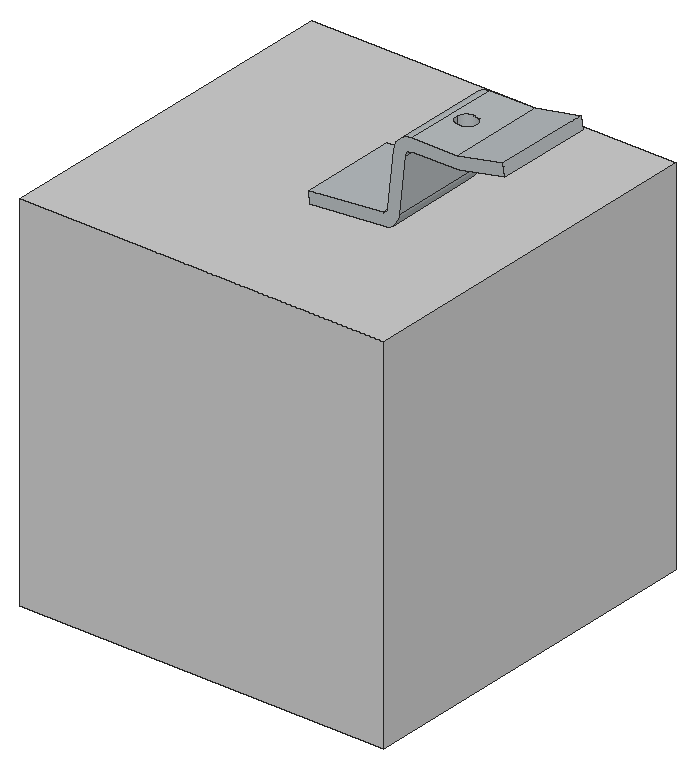
Revit family "REC-GFVC01", category Structural Connections, host Face, Revit 2024
Family settings
  Host = Face
  Material for Model Behavior = Steel
  Enable Cutting in Views = Yes
  Cut with Voids When Loaded = Yes
  Shared = No
Parameters (values of type "GFVC01")
  Visible = yes
  URL_Product_(Producto) = ""
  URL_DataSheet_(FichaTecnica) = ""
  URL_CE_Marking_(MarcadoCE) = ""
  Type IFC Predefined Type = "Brackets"
  Type Comments = ""
  URL = "https://recense.com/"
  Model = "GFVC01"
  Manufacturer = "RECENSE"
  Keynote_ESP = "Anclaje antivuelco para fijación de paneles a viga canalón de hormigón de espesor desde 60 a 80 mm."
  Keynote = "Anti-tilt anchor for fixing panels to concrete gutter beams from 60 to 80 mm thick."
  IFCExportType = Classification.Uniclass.Pr.Description  # "Carbon steel anchor plates"
  IFCExportAs = "IfcElementAssembly"
  Fecha de Creacion: = "01/03/2024"
  Fecha Ultima Revision: = "01/03/2024"
  Export Type to IFC As = "IfcElementAssembly"
  Description_ESP = "Grapa de fijación a viga canalón e =10 mm."
  Description = "Gutter beam fixing clamp e =10 mm."
  Default Elevation = 0.0 mm
  Creado por: = "Deliprogal SL"
  Cost = 0
  Classification.Uniclass.Ss.Number = ""
  Classification.Uniclass.Ss.Description = ""
  Classification.Uniclass.Pr.Number = "Pr_20_29_03_10"
  Classification.Uniclass.Pr.Description = "Carbon steel anchor plates"
  Classification.Uniclass.EF.Number = ""
  Classification.Uniclass.EF.Description = ""
  Classification.Space.Number = ""
  Classification.Space.Description = ""
  Classification.Facility.Number = ""
  Classification.Facility.Description = ""
  Assembly Code = ""
Reference planes
  plane 1 "Center (Front/Back)": y = 0
  plane 2: z = 0
  plane 3 "Center (Left/Right)": x = 0
Forms (mm)
  Extrusion 1, solid, material "REC_Base"
    sketch origin (0, -719.2, 0) x (1, 0, 0) y (0, 1, 0)
      loop
        line (-150, 869.2) -> (-150, 569.2) -> (150, 569.2) -> (150, 869.2) -> (-150, 869.2)
    from 0 to -300
  Extrusion 2, solid, material "REC_Acero, S 275JR (Zincado)"
    sketch origin (66.931, 40.845, 42.31) x (0, 0, -1) y (1, 0, 0)
      loop
        line (-34.219, 94.029) -> (-44, 91.95) -> (-35.994, 54.283) -> (-35.994, 17.289)
        arc (-35.994, 17.289) -> (-32.141, 7.252) -> (-22.562, 2.371) r 15
        line (-22.562, 2.371) -> (22.562, -2.371)
        arc (22.562, -2.371) -> (25.605, -3.839) -> (27.02, -6.908) r 5
        line (27.02, -6.908) -> (32.348, -67.802) -> (42.31, -66.931) -> (36.982, -6.037)
        arc (36.982, -6.037) -> (32.738, 3.17) -> (23.607, 7.574) r 15
        line (23.607, 7.574) -> (-21.517, 12.317)
        arc (-21.517, 12.317) -> (-24.71, 13.944) -> (-25.994, 17.289) r 5
        line (-25.994, 17.289) -> (-25.994, 53.758)
        arc (-25.994, 53.758) -> (-26.076, 55.326) -> (-26.322, 56.876) r 15
        line (-26.322, 56.876) -> (-34.219, 94.029)
    from 0 to 80
  Extrusion 3, void
    sketch origin (102.454, 40.845, 78.304) x (1, 0, 0) y (0, -1, 0)
      loop
        circle (-5.204, 40) r 8.5
    from 0 to 10
Cuts and joins
  Extrusion 3 cuts Extrusion 2
Dimensions and locks
  aligned and locked: plane 2 to Extrusion 1
  aligned and locked: level to Extrusion 1
